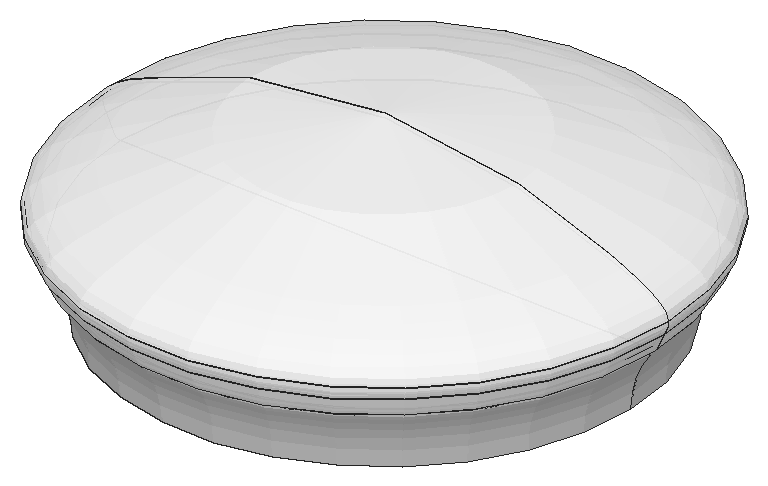
Revit family "0043405", category Lighting Devices, host Face, Revit 2023 (continued)
Definition of nested family "0043405_4000K_5W_lightsource"
  Parameters (values of type "START SURFACE IP54 500-2000 830/840 lightsource")
    Type Comments = "n/a"
    built-in parameter 1114217 = 1 (stored number, unit not read)
    Tilt Angle = -90.00°
    built-in parameter 1150109 = 1 (stored number, unit not read)
    built-in parameter 1150134 = 12
    built-in parameter 1150113 = 1 (stored number, unit not read)
    Photometric Web File = "0043405_4000K_5W.IES"
    built-in parameter 1150142 = "IESNA:LM-63-2002\r\n[TEST] 20231205007M-01\r\n[TESTLAB] \r\n[TESTDATE] 7 Dec 2023\r\n[ISSUEDATE] 7 Dec 2023\r\n[MANUFAC] SYLVANIA\r\n[LUMCAT] 0043405\r\n[LUMINAIRE] START Surface IP44 Multip 2000lm 830/840-4000K 4µµ\r\n[FLASHAREA] 0.021773\r\n[LAMPCAT] LED\r\n[LAMP] LED\r\nTILT=NONE\r\n1 500.00 1.0 361 3 1 2 0.300 0.300 0.000\r\n1.00 1.00 5.00\r\n0.00 0.50 1.00 1.50 2.00 2.50 3.00 3.50 4.00 4.50 5.00 \r\n5.50 6.00 6.50 7.00 7.50 8.00 8.50 9.00 9.50 10.00 10.50 \r\n11.00 11.50 12.00 12.50 13.00 13.50 14.00 14.50 15.00 \r\n15.50 16.00 16.50 17.00 17.50 18.00 18.50 19.00 19.50 \r\n20.00 20.50 21.00 21.50 22.00 22.50 23.00 23.50 24.00 \r\n24.50 25.00 25.50 26.00 26.50 27.00 27.50 28.00 28.50 \r\n29.00 29.50 30.00 30.50 31.00 31.50 32.00 32.50 33.00 \r\n33.50 34.00 34.50 35.00 35.50 36.00 36.50 37.00 37.50 \r\n38.00 38.50 39.00 39.50 40.00 40.50 41.00 41.50 42.00 \r\n42.50 43.00 43.50 44.00 44.50 45.00 45.50 46.00 46.50 \r\n47.00 47.50 48.00 48.50 49.00 49.50 50.00 50.50 51.00 \r\n51.50 52.00 52.50 53.00 53.50 54.00 54.50 55.00 55.50 \r\n56.00 56.50 57.00 57.50 58.00 58.50 59.00 59.50 60.00 \r\n60.50 61.00 61.50 62.00 62.50 63.00 63.50 64.00 64.50 \r\n65.00 65.50 66.00 66.50 67.00 67.50 68.00 68.50 69.00 \r\n69.50 70.00 70.50 71.00 71.50 72.00 72.50 73.00 73.50 \r\n74.00 74.50 75.00 75.50 76.00 76.50 77.00 77.50 78.00 \r\n78.50 79.00 79.50 80.00 80.50 81.00 81.50 82.00 82.50 \r\n83.00 83.50 84.00 84.50 85.00 85.50 86.00 86.50 87.00 \r\n87.50 88.00 88.50 89.00 89.50 90.00 90.50 91.00 91.50 \r\n92.00 92.50 93.00 93.50 94.00 94.50 95.00 95.50 96.00 \r\n96.50 97.00 97.50 98.00 98.50 99.00 99.50 100.00 100.50 \r\n101.00 101.50 102.00 102.50 103.00 103.50 104.00 104.50 \r\n105.00 105.50 106.00 106.50 107.00 107.50 108.00 108.50 \r\n109.00 109.50 110.00 110.50 111.00 111.50 112.00 112.50 \r\n113.00 113.50 114.00 114.50 115.00 115.50 116.00 116.50 \r\n117.00 117.50 118.00 118.50 119.00 119.50 120.00 120.50 \r\n121.00 121.50 122.00 122.50 123.00 123.50 124.00 124.50 \r\n125.00 125.50 126.00 126.50 127.00 127.50 128.00 128.50 \r\n129.00 129.50 130.00 130.50 131.00 131.50 132.00 132.50 \r\n133.00 133.50 134.00 134.50 135.00 135.50 136.00 136.50 \r\n137.00 137.50 138.00 138.50 139.00 139.50 140.00 140.50 \r\n141.00 141.50 142.00 142.50 143.00 143.50 144.00 144.50 \r\n145.00 145.50 146.00 146.50 147.00 147.50 148.00 148.50 \r\n149.00 149.50 150.00 150.50 151.00 151.50 152.00 152.50 \r\n153.00 153.50 154.00 154.50 155.00 155.50 156.00 156.50 \r\n157.00 157.50 158.00 158.50 159.00 159.50 160.00 160.50 \r\n161.00 161.50 162.00 162.50 163.00 163.50 164.00 164.50 \r\n165.00 165.50 166.00 166.50 167.00 167.50 168.00 168.50 \r\n169.00 169.50 170.00 170.50 171.00 171.50 172.00 172.50 \r\n173.00 173.50 174.00 174.50 175.00 175.50 176.00 176.50 \r\n177.00 177.50 178.00 178.50 179.00 179.50 180.00 \r\n0.00 45.00 90.00 \r\n137.05 137.05 137.05 136.95 136.95 136.85 136.75 136.65 \r\n136.55 136.50 136.40 136.25 136.05 135.90 135.75 135.60 \r\n135.45 135.20 135.00 134.80 134.60 134.35 134.10 133.80 \r\n133.55 133.20 132.90 132.60 132.35 132.05 131.80 131.45 \r\n131.10 130.75 130.35 129.95 129.60 129.20 128.80 128.40 \r\n127.95 127.50 127.05 126.55 126.10 125.65 125.15 124.65 \r\n124.20 123.70 123.20 122.65 122.15 121.55 120.95 120.45 \r\n119.80 119.25 118.65 118.00 117.40 116.80 116.10 115.50 \r\n114.80 114.15 113.50 112.85 112.10 111.45 110.70 110.00 \r\n109.25 108.60 107.85 107.10 106.35 105.60 104.80 104.05 \r\n103.25 102.50 101.70 100.90 100.10 99.30 98.50 97.65 \r\n96.80 95.95 95.10 94.25 93.45 92.60 91.65 90.85 89.95 \r\n89.05 88.10 87.20 86.30 85.40 84.50 83.55 82.65 81.70 \r\n80.75 79.80 78.90 77.95 76.95 76.00 75.05 74.10 73.15 \r\n72.20 71.25 70.30 69.30 68.30 67.35 66.35 65.35 64.35 \r\n63.40 62.45 61.50 60.50 59.55 58.50 57.55 56.65 55.65 \r\n54.65 53.70 52.80 51.80 50.80 49.90 48.99 48.05 47.15 \r\n46.25 45.36 44.50 43.63 42.75 41.90 41.07 40.23 39.42 \r\n38.59 37.78 36.99 36.19 35.45 34.69 33.92 33.15 32.45 \r\n31.73 31.02 30.35 29.66 28.98 28.35 27.72 27.09 26.45 \r\n25.86 25.29 24.69 24.08 23.52 22.95 22.39 21.86 21.32 \r\n20.77 20.24 19.75 19.23 18.73 18.25 17.77 17.28 16.84 \r\n16.43 16.03 15.63 15.26 14.89 14.52 14.16 13.81 13.49 \r\n13.17 12.87 12.58 12.30 12.02 11.76 11.51 11.26 11.02 \r\n10.79 10.57 10.37 10.15 9.96 9.80 9.62 9.46 9.32 9.17 \r\n9.03 8.90 8.78 8.65 8.54 8.44 8.33 8.24 8.14 8.06 7.99 \r\n7.89 7.82 7.74 7.66 7.58 7.49 7.43 7.36 7.29 7.23 7.17 \r\n7.10 7.04 6.98 6.92 6.85 6.79 6.71 6.66 6.60 6.53 6.46 \r\n6.39 6.33 6.26 6.20 6.12 6.06 5.99 5.92 5.85 5.78 5.71 \r\n5.63 5.56 5.50 5.43 5.37 5.31 5.25 5.20 5.14 5.08 5.04 \r\n4.98 4.91 4.85 4.79 4.74 4.68 4.63 4.57 4.51 4.45 4.40 \r\n4.36 4.32 4.26 4.22 4.16 4.08 4.00 3.89 3.80 3.70 3.62 \r\n3.51 3.42 3.33 3.24 3.16 3.08 3.00 2.92 2.86 2.80 2.77 \r\n2.74 2.71 2.71 2.71 2.71 2.70 2.70 2.70 2.70 2.70 2.70 \r\n2.71 2.72 2.71 2.72 2.72 2.75 2.77 2.82 2.82 2.83 2.85 \r\n2.85 2.86 2.87 2.86 2.82 2.67 2.46 2.19 1.92 1.68 1.50 \r\n1.42 1.37 1.35 1.28 1.18 1.06 1.02 1.01 1.04 1.10 1.17 \r\n1.19 1.26 1.28 1.32 1.60 1.68 1.79 2.01 2.27 2.44 2.55 \r\n2.58 2.58 2.55 \r\n137.05 137.00 137.00 137.00 137.00 137.00 137.00 136.90 \r\n136.80 136.75 136.65 136.50 136.35 136.25 136.15 136.00 \r\n135.85 135.65 135.45 135.25 135.10 134.90 134.70 134.45 \r\n134.20 133.95 133.70 133.40 133.10 132.80 132.50 132.15 \r\n131.85 131.50 131.15 130.80 130.45 130.10 129.70 129.30 \r\n128.90 128.50 128.05 127.60 127.15 126.70 126.20 125.75 \r\n125.30 124.75 124.25 123.70 123.20 122.65 122.10 121.55 \r\n120.95 120.35 119.80 119.25 118.60 118.00 117.40 116.80 \r\n116.10 115.45 114.85 114.15 113.50 112.85 112.15 111.45 \r\n110.75 110.05 109.35 108.55 107.85 107.05 106.30 105.55 \r\n104.80 104.00 103.20 102.45 101.65 100.80 100.00 99.20 \r\n98.35 97.45 96.65 95.80 94.95 94.10 93.25 92.35 91.45 \r\n90.60 89.75 88.80 87.90 86.95 86.00 85.10 84.15 83.20 \r\n82.25 81.30 80.35 79.40 78.50 77.50 76.55 75.55 74.55 \r\n73.60 72.60 71.60 70.65 69.65 68.70 67.70 66.70 65.70 \r\n64.75 63.75 62.75 61.80 60.85 59.90 58.95 58.00 57.00 \r\n56.00 55.10 54.15 53.25 52.30 51.35 50.45 49.48 48.56 \r\n47.66 46.80 45.90 45.01 44.13 43.27 42.37 41.56 40.69 \r\n39.86 39.02 38.22 37.40 36.65 35.84 35.07 34.27 33.52 \r\n32.77 32.06 31.34 30.61 29.91 29.22 28.55 27.88 27.25 \r\n26.64 26.00 25.36 24.75 24.18 23.57 23.00 22.45 21.89 \r\n21.32 20.79 20.26 19.77 19.28 18.82 18.34 17.88 17.43 \r\n16.97 16.56 16.14 15.73 15.34 14.94 14.58 14.20 13.84 \r\n13.50 13.19 12.87 12.58 12.27 11.98 11.72 11.46 11.20 \r\n10.96 10.74 10.51 10.30 10.09 9.89 9.72 9.54 9.37 9.23 \r\n9.07 8.93 8.81 8.68 8.56 8.46 8.37 8.27 8.19 8.11 8.03 \r\n7.96 7.92 7.87 7.80 7.74 7.71 7.67 7.62 7.57 7.55 7.51 \r\n7.46 7.42 7.35 7.29 7.22 7.17 7.08 7.00 6.92 6.82 6.74 \r\n6.63 6.54 6.44 6.33 6.22 6.13 6.01 5.92 5.83 5.74 5.65 \r\n5.57 5.47 5.39 5.30 5.21 5.10 5.00 4.88 4.76 4.62 4.49 \r\n4.33 4.19 4.04 3.90 3.75 3.62 3.47 3.36 3.21 3.11 3.02 \r\n2.92 2.81 2.72 2.65 2.58 2.50 2.43 2.36 2.30 2.25 2.19 \r\n2.14 2.08 2.05 2.03 2.03 2.03 2.03 2.03 2.03 2.04 2.06 \r\n2.09 2.12 2.18 2.21 2.23 2.26 2.29 2.35 2.39 2.45 2.48 \r\n2.47 2.47 2.48 2.47 2.45 2.42 2.41 2.32 2.22 2.16 2.13 \r\n2.08 2.02 1.92 1.81 1.71 1.60 1.51 1.40 1.25 1.11 1.10 \r\n1.09 1.09 1.08 1.08 1.07 1.07 1.06 1.05 1.05 1.04 1.04 \r\n1.03 1.07 1.08 1.10 1.24 1.36 1.52 1.75 2.04 2.33 2.62 \r\n2.70 2.70 2.70 \r\n137.05 137.10 137.05 137.05 137.05 137.00 136.95 136.90 \r\n136.85 136.75 136.65 136.55 136.45 136.35 136.20 136.00 \r\n135.85 135.70 135.55 135.30 135.15 134.95 134.75 134.50 \r\n134.25 134.00 133.70 133.40 133.15 132.85 132.60 132.25 \r\n131.90 131.55 131.25 130.85 130.50 130.15 129.75 129.35 \r\n128.95 128.55 128.10 127.65 127.20 126.80 126.35 125.85 \r\n125.35 124.85 124.40 123.90 123.40 122.85 122.30 121.75 \r\n121.15 120.55 120.00 119.40 118.80 118.15 117.55 116.90 \r\n116.30 115.65 114.95 114.35 113.60 112.90 112.20 111.45 \r\n110.75 110.05 109.40 108.65 107.90 107.15 106.40 105.65 \r\n104.90 104.05 103.30 102.50 101.70 100.90 100.05 99.25 \r\n98.45 97.60 96.75 95.90 95.05 94.15 93.30 92.40 91.50 \r\n90.65 89.80 88.90 87.95 86.95 86.10 85.15 84.20 83.25 \r\n82.35 81.40 80.50 79.50 78.55 77.60 76.65 75.65 74.75 \r\n73.80 72.80 71.85 70.85 69.90 68.90 67.90 66.90 65.90 \r\n64.95 63.95 63.00 62.00 61.05 60.05 59.05 58.10 57.15 \r\n56.15 55.25 54.30 53.35 52.35 51.45 50.45 49.52 48.59 \r\n47.69 46.78 45.91 45.05 44.17 43.26 42.41 41.58 40.73 \r\n39.88 39.08 38.25 37.48 36.69 35.90 35.13 34.36 33.61 \r\n32.86 32.15 31.45 30.73 30.02 29.35 28.66 28.00 27.34 \r\n26.72 26.09 25.48 24.86 24.28 23.69 23.13 22.59 22.02 \r\n21.44 20.91 20.36 19.86 19.34 18.85 18.37 17.88 17.40 \r\n16.95 16.53 16.11 15.71 15.32 14.94 14.57 14.21 13.88 \r\n13.53 13.21 12.92 12.61 12.32 12.05 11.78 11.52 11.27 \r\n11.03 10.80 10.59 10.39 10.20 10.01 9.82 9.66 9.49 9.36 \r\n9.21 9.06 8.95 8.82 8.68 8.59 8.49 8.39 8.32 8.24 8.16 \r\n8.10 8.04 7.99 7.92 7.87 7.84 7.78 7.75 7.70 7.65 7.60 \r\n7.54 7.51 7.46 7.43 7.40 7.37 7.33 7.29 7.26 7.24 7.19 \r\n7.17 7.13 7.09 7.08 7.04 7.01 6.98 6.96 6.92 6.88 6.87 \r\n6.82 6.77 6.71 6.66 6.61 6.54 6.46 6.38 6.28 6.19 6.10 \r\n6.00 5.91 5.80 5.68 5.58 5.47 5.36 5.24 5.12 5.00 4.90 \r\n4.78 4.66 4.56 4.47 4.38 4.32 4.24 4.16 4.08 4.00 3.94 \r\n3.84 3.78 3.72 3.66 3.59 3.53 3.48 3.41 3.37 3.30 3.26 \r\n3.20 3.17 3.13 3.07 3.02 2.94 2.87 2.81 2.74 2.69 2.63 \r\n2.55 2.43 2.31 2.18 2.07 1.95 1.85 1.75 1.64 1.51 1.39 \r\n1.27 1.16 1.08 1.02 1.05 1.08 1.11 1.14 1.17 1.20 1.32 \r\n1.38 1.44 1.45 1.46 1.39 1.23 1.13 1.11 1.12 1.14 1.15 \r\n1.16 1.18 1.19 1.21 1.22 1.33 1.45 1.60 1.81 2.10 2.39 \r\n2.52 2.59 2.62 \r\n"
    Model = "START SURFACE IP54 500-2000 830/840 lightsource"
    Manufacturer = "Feilo Sylvania"
    built-in parameter 1150105 = 164.52 (stored number, unit not read)
    Lumens = 600 lm
    built-in parameter 1150115 = 1 (stored number, unit not read)
    built-in parameter 1150137 = (empty or 0)
    built-in parameter 1150139 = (empty or 0)
    built-in parameter 1150112 = 1 (stored number, unit not read)
    built-in parameter 1150114 = 1 (stored number, unit not read)
    Lamp = "LED"
    Keynote = "16500"
    built-in parameter 1150132 = (empty or 0)
    built-in parameter 1150102 = 120
    built-in parameter 1150107 = 4000 (stored number, unit not read)
    built-in parameter 1150138 = (empty or 0)
    built-in parameter 1150106 = 1.6452 (stored number, unit not read)
    Emit from Circle Diameter = 300 mm  # constant formula
    Emit Shape Visible in Rendering = no
    built-in parameter 1150104 = 11.148 (stored number, unit not read)
    Dimming Lamp Color Temperature Shift = (empty or 0)
    Description = ""
    Default Elevation = 1219.2 mm
    Cost = 0
    Color Filter = 16777215
    built-in parameter 1114216 [instance] = (empty or 0)
    built-in parameter 1114218 = 1 (stored number, unit not read)
    built-in parameter 1150133 = 10 (stored number, unit not read)
    Assembly Code = "D5020200"
    Apparent Load = 0 VA
  Reference planes
    plane 1 "Center (Front/Back)": y = 0
    plane 2: z = 0
    plane 3 "Center (Left/Right)": x = 0
  Forms (mm)
    Extrusion 1, solid
      sketch origin (4.2, 0, 0) x (1, 0, 0) y (0, 1, 0)
        loop
          line (-1219.2, 1219.2) -> (-1219.2, -1219.2) -> (1219.2, -1219.2) -> (1219.2, 1219.2) -> (-1219.2, 1219.2)
      from 0 to -68.017
  Dimensions and locks
    aligned and locked: plane 2 to Extrusion 1
    aligned and locked: level to Extrusion 1
Definition of nested family "0043405_4000K_8.3W_lightsource"
  Parameters (values of type "START SURFACE IP54 500-2000 830/840 lightsource")
    Wattage Comments = "n/a"
    Wattage = 8.3 W
    built-in parameter 1150110 = 1 (stored number, unit not read)
    URL = "http://www.sylvania-lighting.com"
    Type Image = (empty or 0)
    Type Comments = "n/a"
    built-in parameter 1114217 = 1 (stored number, unit not read)
    Tilt Angle = -90.00°
    built-in parameter 1150109 = 1 (stored number, unit not read)
    built-in parameter 1150134 = 12
    built-in parameter 1150113 = 1 (stored number, unit not read)
    Photometric Web File = "0043405_4000K_8.3W.IES"
    built-in parameter 1150142 = "IESNA:LM-63-2002\r\n[TEST] 20231205007M-01\r\n[TESTLAB] \r\n[TESTDATE] 7 Dec 2023\r\n[ISSUEDATE] 7 Dec 2023\r\n[MANUFAC] SYLVANIA\r\n[LUMCAT] 0043405\r\n[LUMINAIRE] START Surface IP44 Multip 2000lm 830/840-4000K 1µµ\r\n[FLASHAREA] 0.017100\r\n[LAMPCAT] LED\r\n[LAMP] LED\r\nTILT=NONE\r\n1 1000.00 1.0 361 3 1 2 -0.300 -0.300 0.000\r\n1.00 1.00 8.30\r\n0.00 0.50 1.00 1.50 2.00 2.50 3.00 3.50 4.00 4.50 5.00 \r\n5.50 6.00 6.50 7.00 7.50 8.00 8.50 9.00 9.50 10.00 10.50 \r\n11.00 11.50 12.00 12.50 13.00 13.50 14.00 14.50 15.00 \r\n15.50 16.00 16.50 17.00 17.50 18.00 18.50 19.00 19.50 \r\n20.00 20.50 21.00 21.50 22.00 22.50 23.00 23.50 24.00 \r\n24.50 25.00 25.50 26.00 26.50 27.00 27.50 28.00 28.50 \r\n29.00 29.50 30.00 30.50 31.00 31.50 32.00 32.50 33.00 \r\n33.50 34.00 34.50 35.00 35.50 36.00 36.50 37.00 37.50 \r\n38.00 38.50 39.00 39.50 40.00 40.50 41.00 41.50 42.00 \r\n42.50 43.00 43.50 44.00 44.50 45.00 45.50 46.00 46.50 \r\n47.00 47.50 48.00 48.50 49.00 49.50 50.00 50.50 51.00 \r\n51.50 52.00 52.50 53.00 53.50 54.00 54.50 55.00 55.50 \r\n56.00 56.50 57.00 57.50 58.00 58.50 59.00 59.50 60.00 \r\n60.50 61.00 61.50 62.00 62.50 63.00 63.50 64.00 64.50 \r\n65.00 65.50 66.00 66.50 67.00 67.50 68.00 68.50 69.00 \r\n69.50 70.00 70.50 71.00 71.50 72.00 72.50 73.00 73.50 \r\n74.00 74.50 75.00 75.50 76.00 76.50 77.00 77.50 78.00 \r\n78.50 79.00 79.50 80.00 80.50 81.00 81.50 82.00 82.50 \r\n83.00 83.50 84.00 84.50 85.00 85.50 86.00 86.50 87.00 \r\n87.50 88.00 88.50 89.00 89.50 90.00 90.50 91.00 91.50 \r\n92.00 92.50 93.00 93.50 94.00 94.50 95.00 95.50 96.00 \r\n96.50 97.00 97.50 98.00 98.50 99.00 99.50 100.00 100.50 \r\n101.00 101.50 102.00 102.50 103.00 103.50 104.00 104.50 \r\n105.00 105.50 106.00 106.50 107.00 107.50 108.00 108.50 \r\n109.00 109.50 110.00 110.50 111.00 111.50 112.00 112.50 \r\n113.00 113.50 114.00 114.50 115.00 115.50 116.00 116.50 \r\n117.00 117.50 118.00 118.50 119.00 119.50 120.00 120.50 \r\n121.00 121.50 122.00 122.50 123.00 123.50 124.00 124.50 \r\n125.00 125.50 126.00 126.50 127.00 127.50 128.00 128.50 \r\n129.00 129.50 130.00 130.50 131.00 131.50 132.00 132.50 \r\n133.00 133.50 134.00 134.50 135.00 135.50 136.00 136.50 \r\n137.00 137.50 138.00 138.50 139.00 139.50 140.00 140.50 \r\n141.00 141.50 142.00 142.50 143.00 143.50 144.00 144.50 \r\n145.00 145.50 146.00 146.50 147.00 147.50 148.00 148.50 \r\n149.00 149.50 150.00 150.50 151.00 151.50 152.00 152.50 \r\n153.00 153.50 154.00 154.50 155.00 155.50 156.00 156.50 \r\n157.00 157.50 158.00 158.50 159.00 159.50 160.00 160.50 \r\n161.00 161.50 162.00 162.50 163.00 163.50 164.00 164.50 \r\n165.00 165.50 166.00 166.50 167.00 167.50 168.00 168.50 \r\n169.00 169.50 170.00 170.50 171.00 171.50 172.00 172.50 \r\n173.00 173.50 174.00 174.50 175.00 175.50 176.00 176.50 \r\n177.00 177.50 178.00 178.50 179.00 179.50 180.00 \r\n0.00 45.00 90.00 \r\n273.30 273.20 273.10 273.00 272.90 272.80 272.50 272.40 \r\n272.20 272.00 271.80 271.40 271.10 270.80 270.50 270.20 \r\n269.70 269.30 269.00 268.50 268.00 267.60 267.10 266.60 \r\n266.00 265.50 264.90 264.30 263.70 263.10 262.40 261.80 \r\n261.00 260.30 259.60 258.80 258.00 257.20 256.40 255.60 \r\n254.70 253.80 252.90 252.00 251.00 250.10 249.10 248.10 \r\n247.10 246.10 245.10 244.00 242.90 241.80 240.70 239.50 \r\n238.30 237.10 235.90 234.70 233.50 232.20 230.90 229.60 \r\n228.30 226.90 225.70 224.30 222.90 221.50 220.10 218.70 \r\n217.30 215.80 214.40 212.80 211.40 209.80 208.30 206.80 \r\n205.30 203.70 202.10 200.50 198.90 197.30 195.60 194.00 \r\n192.30 190.60 189.00 187.20 185.50 183.80 182.10 180.20 \r\n178.50 176.70 174.90 173.10 171.30 169.50 167.60 165.70 \r\n164.00 162.00 160.10 158.30 156.40 154.50 152.60 150.70 \r\n148.70 146.80 144.90 142.90 141.00 139.10 137.10 135.10 \r\n133.20 131.20 129.30 127.30 125.40 123.50 121.50 119.50 \r\n117.60 115.70 113.80 111.90 109.90 108.00 106.10 104.30 \r\n102.40 100.60 98.78 96.94 95.11 93.31 91.52 89.80 88.09 \r\n86.41 84.69 82.98 81.30 79.64 78.04 76.45 74.86 73.32 \r\n71.76 70.24 68.72 67.24 65.74 64.29 62.90 61.54 60.23 \r\n58.96 57.70 56.43 55.20 53.96 52.77 51.62 50.45 49.30 \r\n48.17 47.07 45.96 44.85 43.79 42.71 41.63 40.56 39.55 \r\n38.56 37.57 36.58 35.66 34.77 33.91 33.08 32.30 31.49 \r\n30.74 30.00 29.29 28.58 27.89 27.23 26.61 25.99 25.40 \r\n24.84 24.29 23.77 23.26 22.76 22.27 21.78 21.33 20.92 \r\n20.55 20.17 19.83 19.48 19.18 18.89 18.61 18.34 18.10 \r\n17.87 17.65 17.43 17.23 17.03 16.85 16.66 16.49 16.33 \r\n16.16 16.01 15.85 15.71 15.57 15.42 15.28 15.15 15.02 \r\n14.88 14.77 14.63 14.50 14.38 14.27 14.14 14.02 13.90 \r\n13.78 13.64 13.53 13.39 13.29 13.14 13.01 12.88 12.77 \r\n12.63 12.50 12.35 12.22 12.08 11.92 11.79 11.66 11.53 \r\n11.40 11.27 11.15 11.04 10.92 10.80 10.70 10.59 10.47 \r\n10.36 10.23 10.12 9.99 9.87 9.77 9.65 9.54 9.41 9.31 9.20 \r\n9.12 9.02 8.90 8.78 8.62 8.44 8.28 8.09 7.91 7.71 7.52 \r\n7.35 7.14 6.96 6.79 6.62 6.45 6.30 6.15 6.04 5.94 5.88 \r\n5.81 5.81 5.80 5.80 5.79 5.79 5.80 5.82 5.83 5.86 5.85 \r\n5.85 5.86 5.86 5.91 5.96 6.03 6.09 6.15 6.17 6.21 6.24 \r\n6.24 6.23 6.23 6.05 5.77 5.38 4.90 4.34 3.83 3.41 3.20 \r\n3.05 2.98 2.82 2.59 2.38 2.24 2.23 2.29 2.41 2.49 2.55 \r\n2.64 2.68 2.75 3.24 3.38 3.61 4.04 4.55 4.94 5.22 5.35 \r\n5.36 5.25 \r\n273.30 273.20 273.20 273.10 273.10 273.00 272.80 272.70 \r\n272.60 272.50 272.30 272.00 271.80 271.50 271.30 271.10 \r\n270.70 270.40 270.00 269.70 269.30 268.90 268.40 267.90 \r\n267.40 266.90 266.40 265.80 265.20 264.70 264.10 263.50 \r\n262.90 262.20 261.50 260.80 260.00 259.30 258.60 257.80 \r\n257.00 256.20 255.30 254.50 253.60 252.70 251.70 250.80 \r\n249.80 248.70 247.70 246.70 245.70 244.60 243.60 242.40 \r\n241.30 240.10 239.00 237.90 236.70 235.50 234.20 233.00 \r\n231.70 230.40 229.10 227.80 226.40 225.10 223.70 222.30 \r\n221.00 219.50 218.10 216.60 215.10 213.60 212.10 210.60 \r\n209.10 207.50 205.90 204.40 202.70 201.10 199.50 197.90 \r\n196.30 194.60 193.00 191.30 189.60 187.90 186.10 184.30 \r\n182.60 180.80 179.10 177.20 175.40 173.60 171.80 170.00 \r\n168.10 166.20 164.40 162.50 160.60 158.80 156.80 154.90 \r\n153.00 151.10 149.20 147.10 145.20 143.30 141.40 139.40 \r\n137.40 135.50 133.50 131.50 129.60 127.60 125.70 123.70 \r\n121.80 119.90 118.00 116.10 114.10 112.20 110.30 108.50 \r\n106.50 104.70 102.80 100.90 99.08 97.29 95.43 93.68 91.88 \r\n90.17 88.36 86.62 84.95 83.23 81.53 79.85 78.25 76.60 \r\n74.99 73.46 71.86 70.34 68.77 67.32 65.88 64.41 63.03 \r\n61.55 60.15 58.81 57.50 56.17 54.88 53.66 52.45 51.16 \r\n49.96 48.76 47.63 46.43 45.30 44.19 43.08 41.99 40.92 \r\n39.91 38.93 37.97 37.00 36.06 35.14 34.27 33.39 32.55 \r\n31.77 30.96 30.16 29.42 28.69 28.00 27.31 26.64 26.02 \r\n25.39 24.81 24.24 23.74 23.24 22.75 22.27 21.82 21.37 \r\n20.95 20.55 20.16 19.79 19.44 19.10 18.80 18.49 18.23 \r\n17.96 17.71 17.47 17.26 17.06 16.86 16.71 16.54 16.40 \r\n16.25 16.13 16.01 15.91 15.82 15.69 15.62 15.54 15.45 \r\n15.38 15.31 15.22 15.09 14.98 14.87 14.73 14.59 14.44 \r\n14.28 14.11 13.93 13.75 13.55 13.35 13.16 12.94 12.72 \r\n12.51 12.32 12.14 11.93 11.75 11.57 11.40 11.21 11.02 \r\n10.87 10.67 10.48 10.26 10.04 9.78 9.51 9.22 8.92 8.62 \r\n8.35 8.06 7.79 7.49 7.24 6.98 6.71 6.49 6.26 6.07 5.87 \r\n5.70 5.54 5.38 5.25 5.11 4.99 4.89 4.75 4.66 4.55 4.46 \r\n4.35 4.27 4.23 4.23 4.22 4.23 4.26 4.26 4.30 4.36 4.44 \r\n4.52 4.59 4.64 4.71 4.78 4.86 4.97 5.06 5.15 5.20 5.19 \r\n5.19 5.18 5.17 5.12 5.03 4.89 4.70 4.56 4.49 4.42 4.28 \r\n4.09 3.88 3.69 3.50 3.29 3.09 2.76 2.51 2.32 2.31 2.30 \r\n2.28 2.27 2.27 2.27 2.27 2.27 2.27 2.27 2.27 2.29 2.32 \r\n2.37 2.45 2.72 2.96 3.29 3.73 4.27 4.88 5.40 5.62 5.62 \r\n5.62 \r\n273.30 273.30 273.30 273.30 273.30 273.20 273.10 273.00 \r\n272.80 272.70 272.50 272.30 272.10 271.90 271.60 271.30 \r\n271.00 270.70 270.30 269.90 269.60 269.10 268.70 268.20 \r\n267.80 267.30 266.80 266.30 265.70 265.10 264.50 263.90 \r\n263.30 262.60 262.00 261.20 260.50 259.80 259.00 258.20 \r\n257.40 256.50 255.70 254.80 254.00 253.00 252.10 251.10 \r\n250.20 249.20 248.30 247.20 246.20 245.20 244.00 243.00 \r\n241.80 240.70 239.50 238.40 237.10 235.80 234.60 233.40 \r\n232.10 230.80 229.50 228.20 226.80 225.50 224.10 222.70 \r\n221.30 219.90 218.50 217.00 215.50 214.00 212.50 211.10 \r\n209.60 208.00 206.40 204.80 203.30 201.70 200.10 198.40 \r\n196.80 195.10 193.40 191.70 190.00 188.30 186.60 184.80 \r\n183.00 181.30 179.40 177.70 175.90 174.00 172.20 170.40 \r\n168.50 166.70 164.80 162.90 161.00 159.10 157.20 155.30 \r\n153.50 151.50 149.60 147.60 145.70 143.80 141.80 139.80 \r\n137.90 135.80 133.90 132.00 130.10 128.10 126.10 124.20 \r\n122.20 120.20 118.30 116.40 114.50 112.60 110.60 108.70 \r\n106.80 105.00 103.20 101.30 99.39 97.57 95.76 93.99 92.19 \r\n90.46 88.71 86.95 85.22 83.56 81.86 80.21 78.57 76.98 \r\n75.34 73.80 72.25 70.70 69.11 67.64 66.15 64.68 63.24 \r\n61.76 60.35 59.01 57.64 56.31 54.99 53.76 52.52 51.29 \r\n50.07 48.88 47.74 46.56 45.41 44.31 43.21 42.11 41.03 \r\n40.01 39.00 37.99 37.01 36.11 35.19 34.31 33.48 32.64 \r\n31.85 31.07 30.31 29.56 28.84 28.14 27.49 26.81 26.19 \r\n25.61 25.04 24.47 23.92 23.41 22.93 22.43 21.95 21.45 \r\n21.05 20.64 20.27 19.91 19.57 19.25 18.95 18.65 18.39 \r\n18.16 17.88 17.62 17.42 17.23 17.04 16.87 16.71 16.57 \r\n16.42 16.29 16.17 16.06 15.95 15.88 15.79 15.68 15.58 \r\n15.49 15.40 15.29 15.20 15.12 15.06 14.98 14.92 14.83 \r\n14.77 14.73 14.64 14.58 14.51 14.45 14.39 14.31 14.27 \r\n14.20 14.16 14.10 14.03 13.97 13.90 13.81 13.71 13.62 \r\n13.52 13.38 13.26 13.12 12.95 12.77 12.59 12.39 12.17 \r\n11.97 11.77 11.56 11.32 11.10 10.86 10.65 10.42 10.17 \r\n9.95 9.72 9.50 9.30 9.11 8.95 8.80 8.65 8.50 8.35 8.21 \r\n8.06 7.92 7.77 7.64 7.51 7.37 7.26 7.15 7.04 6.94 6.82 \r\n6.72 6.61 6.53 6.44 6.33 6.20 6.06 5.92 5.81 5.67 5.56 \r\n5.44 5.27 5.05 4.79 4.54 4.31 4.09 3.89 3.70 3.45 3.23 \r\n2.98 2.73 2.52 2.35 2.24 2.18 2.16 2.16 2.28 2.49 2.73 \r\n2.96 3.07 3.14 3.19 3.18 2.99 2.68 2.45 2.45 2.44 2.44 \r\n2.44 2.44 2.43 2.46 2.50 2.77 2.99 3.20 3.53 3.94 4.49 \r\n5.05 5.34 5.47 5.52 \r\n"
    Model = "START SURFACE IP54 500-2000 830/840 lightsource"
    Manufacturer = "Feilo Sylvania"
    built-in parameter 1150105 = 272.21 (stored number, unit not read)
    Lumens = 996 lm
    built-in parameter 1150115 = 1 (stored number, unit not read)
    built-in parameter 1150137 = (empty or 0)
    built-in parameter 1150139 = (empty or 0)
    built-in parameter 1150112 = 1 (stored number, unit not read)
    built-in parameter 1150114 = 1 (stored number, unit not read)
    Lamp = "LED"
    Keynote = "16500"
    built-in parameter 1150132 = (empty or 0)
    built-in parameter 1150102 = 120
    built-in parameter 1150107 = 4000 (stored number, unit not read)
    built-in parameter 1150138 = (empty or 0)
    built-in parameter 1150106 = 2.7221 (stored number, unit not read)
    Emit from Circle Diameter = 300 mm  # constant formula
    Emit Shape Visible in Rendering = no
    built-in parameter 1150104 = 11.148 (stored number, unit not read)
    Dimming Lamp Color Temperature Shift = (empty or 0)
    Description = ""
    Default Elevation = 1219.2 mm
    Cost = 0
    Color Filter = 16777215
    built-in parameter 1114216 [instance] = (empty or 0)
    built-in parameter 1114218 = 1 (stored number, unit not read)
    built-in parameter 1150133 = 10 (stored number, unit not read)
    Assembly Code = "D5020200"
    Apparent Load = 0 VA
  Reference planes
    plane 1 "Center (Front/Back)": y = 0
    plane 2: z = 0
    plane 3 "Center (Left/Right)": x = 0
  Forms (mm)
    Extrusion 1, solid
      sketch origin (4.2, 0, 0) x (1, 0, 0) y (0, 1, 0)
        loop
          line (-1219.2, 1219.2) -> (-1219.2, -1219.2) -> (1219.2, -1219.2) -> (1219.2, 1219.2) -> (-1219.2, 1219.2)
      from 0 to -68.017
  Dimensions and locks
    aligned and locked: plane 2 to Extrusion 1
    aligned and locked: level to Extrusion 1
Definition of nested family "0043405_4000K_12.5W_lightsource"
  Parameters (values of type "START SURFACE IP54 500-2000 830/840 lightsource")
    Wattage Comments = "n/a"
    Wattage = 12.5 W
    built-in parameter 1150110 = 1 (stored number, unit not read)
    URL = "http://www.sylvania-lighting.com"
    Type Image = (empty or 0)
    Type Comments = "n/a"
    built-in parameter 1114217 = 1 (stored number, unit not read)
    Tilt Angle = -90.00°
    built-in parameter 1150109 = 1 (stored number, unit not read)
    built-in parameter 1150134 = 12
    built-in parameter 1150113 = 1 (stored number, unit not read)
    Photometric Web File = "0043405_4000K_12.5W.IES"
